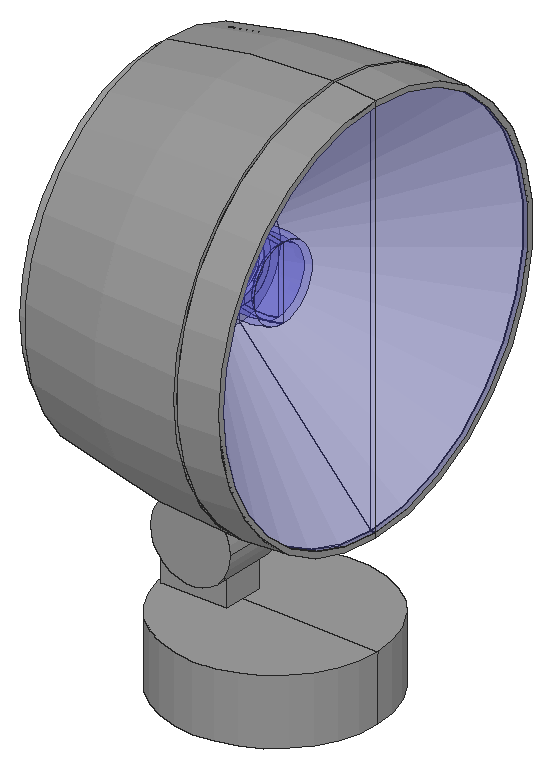
Revit family "84546_HOST_FACE", category Lighting Fixtures, host Face, Revit 2015
Parameters (values of type "Floodlights - Small Scale")
  Wattage = 54.2944 W
  built-in parameter 1150110 = 1 (stored number, unit not read)
  URL = "www.bega-us.com"
  built-in parameter 1114217 = 1 (stored number, unit not read)
  Tilt Angle = 0.00°
  built-in parameter 1150109 = 1 (stored number, unit not read)
  built-in parameter 1150134 = (empty or 0)
  Telephone = "805.684.0533"
  built-in parameter 1150113 = 1 (stored number, unit not read)
  Photometric Web File = "84546K3.ies"
  Model = "84545"
  Manufacturer = "BEGA-US"
  built-in parameter 1150105 = 641.79 (stored number, unit not read)
  Lumens = 8065 lm
  built-in parameter 1150115 = 1 (stored number, unit not read)
  built-in parameter 1150137 = (empty or 0)
  built-in parameter 1150139 = (empty or 0)
  built-in parameter 1150112 = 1 (stored number, unit not read)
  built-in parameter 1150114 = 1 (stored number, unit not read)
  Lamp = "71.1W LED"
  built-in parameter 1150132 = 2
  built-in parameter 1150102 = (empty or 0)
  built-in parameter 1150107 = 3000 (stored number, unit not read)
  built-in parameter 1150138 = (empty or 0)
  built-in parameter 1150106 = 6.4179 (stored number, unit not read)
  built-in parameter 1150104 = 13.8 (stored number, unit not read)
  Dimming Lamp Color Temperature Shift = <None>
  Description = "Performance floodlight - wide beam"
  Default Elevation = 0' - 0"
  Color Filter = 16777215
  built-in parameter 1114218 = 1 (stored number, unit not read)
  built-in parameter 1150133 = 10 (stored number, unit not read)
Types (5): name | Wattage | Tilt Angle | built-in parameter 1150134 | Photometric Web File | Model | built-in parameter 1150105 | Lumens | Lamp | built-in parameter 1150107 | built-in parameter 1150106 | Description | Default Elevation
  (no name) | 54.2944 W | 0.00° | (empty or 0) | "84546K3.ies" | "84545" | 641.79 (stored number, unit not read) | 8065 lm | "71.1W LED" | 3000 (stored number, unit not read) | 6.4179 (stored number, unit not read) | "Performance floodlight - wide beam" | 0' - 0"
  Wall Luminaires - Directed Light | 18.4392 W | 90.00° | (empty or 0) | "generic" | "2260LED" | 217.96 (stored number, unit not read) | 2739 lm | "44.6W LED" | 3000 (stored number, unit not read) | 2.1796 (stored number, unit not read) | "Surface wall with cutoff optics" | 6' - 0"
  Wall Luminaires - Linear | 9.92985 W | 90.00° | 9 | "generic" | "4425P" | 117.38 (stored number, unit not read) | 1475 lm | "(1) 39W CF twin-4-p" | 3450 (stored number, unit not read) | 1.1738 (stored number, unit not read) | "Suface wall - linear with white acrylic diffuser" | 6' - 0"
  Ceiling and Wall Luminaires - Unshielded | 2.66591 W | 90.00° | (empty or 0) | "33508.ies" | "33 508" | 31.513 (stored number, unit not read) | 396 lm | "8.4W LED" | 3000 (stored number, unit not read) | 0.31513 (stored number, unit not read) | "LED ceiling and wall luminaires - impact resistant" | 6' - 0"
  Floodlights - Small Scale | 54.2944 W | 0.00° | (empty or 0) | "84546K3.ies" | "84545" | 641.79 (stored number, unit not read) | 8065 lm | "71.1W LED" | 3000 (stored number, unit not read) | 6.4179 (stored number, unit not read) | "Performance floodlight - wide beam" | 0' - 0"
Reference planes (in)
  plane 1 "Center (Front/Back)": y = 0
  plane 2: z = 0
  plane 3 "Center (Left/Right)": x = 0
Dimensions and locks (in)
  aligned and locked: plane 2 to host face
  aligned and locked: level to host face
Nested families (in)
  nested 1: "84545" at (0, 0, 0), type "84545"
Connectors (in)
  electrical at (0, 0, 0)
    settings: on host face, index 1, voltage 0 V, apparent load 0 VA, apparent load phase1 0 VA, apparent load phase2 0 VA, apparent load phase3 0 VA, power factor 1, load classification "Other", number of poles 1, system type 31, power factor state 1, is connector primary yes, connector utility no, sub classification motor no, connector description ""
Definition of nested family "84545"
  Reference planes (in)
    plane 1 "Center (Front/Back)": y = 0
    plane 2: z = 0
    plane 3 "Center (Left/Right)": x = 0
  Forms (in)
    Revolve 1, solid
      sketch origin (0.75, 0, -4.625) x (1, 0, 0) y (0, 0, 1)
        loop
          line (0.75, 18.5) -> (0.6875, 18.5) -> (0.6875, 18.56437)
          arc (0.6875, 18.56437) -> (-1.3901, 18.43892) -> (-3.4375, 18.06437) r 17.26563
          line (-3.4375, 18.06437) -> (-3.4375, 17.81437) -> (-3.75, 17.81437)
          arc (-3.75, 17.81437) -> (-3.85036, 15.72082) -> (-3.875, 13.625) r 57.98677
          line (-3.875, 13.625) -> (-3.75, 13.625)
          arc (-3.75, 13.625) -> (-3.72715, 15.65822) -> (-3.63287, 17.68937) r 57.86177
          line (-3.63287, 17.68937) -> (-3.3125, 17.68937) -> (-3.3125, 17.96611)
          arc (-3.3125, 17.96611) -> (-1.32732, 18.32054) -> (0.68575, 18.43937) r 17.14063
          arc (0.68575, 18.43937) -> (1.21841, 18.41563) -> (1.75, 18.37445) r 16.26694
          line (1.75, 18.37445) -> (1.75, 18.5)
          arc (1.75, 18.5) -> (1.25048, 18.53889) -> (0.75, 18.5625) r 16.39194
          line (0.75, 18.5625) -> (0.75, 18.5)
        axis (-3.875, 13.625) -> (1.75, 13.625)
      angle from 0 to 360
    Revolve 2, solid
      sketch origin (0.75, 0, -4.625) x (1, 0, 0) y (0, 0, 1)
        loop
          line (1.75, 18.37445) -> (1.625, 18.37445) -> (1.625, 13.625) -> (1.75, 13.625) -> (1.75, 18.37445)
        axis (1.625, 13.625) -> (1.75, 13.625)
      angle from 0 to 360
    Revolve 3, solid
      sketch origin (0.75, 0, -4.625) x (1, 0, 0) y (0, 0, 1)
        loop
          line (-1.625, 14.87445) -> (1.625, 18.37445) -> (1.45442, 18.37445) -> (-1.75, 14.92354) -> (-1.75, 14.37445) -> (-1.625, 14.37445) -> (-1.625, 14.87445)
        axis (-1.75, 13.625) -> (1.625, 13.625)
      angle from 0 to 360
    Revolve 4, solid
      sketch origin (0.75, 0, -4.625) x (1, 0, 0) y (0, 0, 1)
        loop
          line (-1.75, 14.53395) -> (-1.875, 14.53395) -> (-1.875, 14.24945) -> (-1.625, 14.24945) -> (-1.5, 14.24945) -> (-1.5, 14.43978)
          arc (-1.5, 14.43978) -> (-1.0866, 14.49205) -> (-0.6732, 14.43978) r 1.66075
          line (-0.6732, 14.43978) -> (-0.6732, 13.625) -> (-0.5482, 13.625) -> (-0.5482, 14.53395)
          arc (-0.5482, 14.53395) -> (-1.0866, 14.61705) -> (-1.625, 14.53395) r 1.78575
          line (-1.625, 14.53395) -> (-1.625, 14.37445) -> (-1.75, 14.37445) -> (-1.75, 14.53395)
        axis (-1.875, 13.625) -> (-0.5482, 13.625)
      angle from 0 to 360
    Extrusion 5, solid
      sketch origin (0.75, 0, 0.25) x (1, 0, 0) y (0, 0, 1)
        loop
          circle (-2.25, 2.75) r 1
      from -0.75 to 0.75
    Extrusion 6, solid
      sketch origin (0.75, 0, 0.25) x (1, 0, 0) y (0, 0, 1)
        loop
          line (-3.1875, 4.31063) -> (-3.1875, 1.375) -> (-1.5625, 1.375) -> (-1.5625, 4.09799) -> (-3.1875, 4.31063)
      from -0.5 to 0.5
    Revolve 7, solid
      sketch origin (0, 0, 0) x (1, 0, 0) y (0, 0, 1)
        loop
          line (0, 0) -> (2.5625, 0) -> (2.5625, 1.625) -> (0, 1.625) -> (0, 0)
        axis (0, 1.625) -> (0, 0)
      angle from 0 to 360
  Dimensions and locks (in)
    aligned and locked: plane 2 to level
